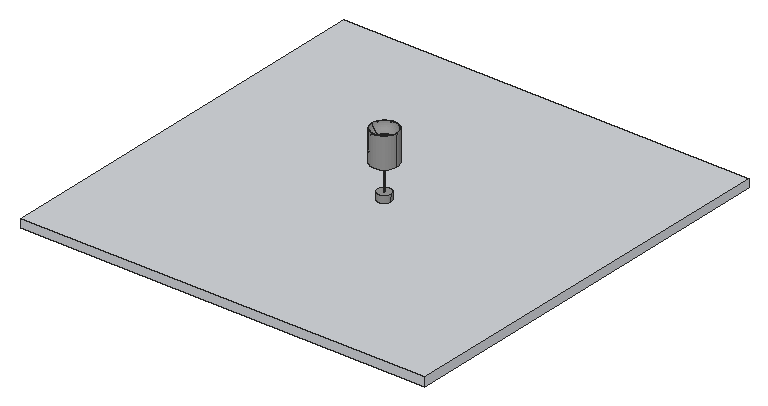
Revit family "LAMP_KOMBIC 150 SURFACE 2000 CRI80 OPTIC DALI", category Luminarias, Revit 2018
Family settings
  Anfitrión = Cara
  Cota de conector redondo = Diámetro de uso
  Tipo de pieza = Normal
  Corte con vacíos al cargar = No
  Origen de luz = Sí
  Compartido = No
  Punto de cálculo de habitación = No
Parameters (values of type "1145LM 3000K  B/B")
  Ángulo de inclinación = -90.00°
  Weight = 1.738 kg
  UGR = "16"
  Type = "COB PHILIPS"
  Protection rating = "IP40"
  Product datasheet = "http://www.lamp.es/product-files/TECH/K21SF2040WF830DBB-EN.pdf"
  Product code = "K21SF2040WF830DBB"
  Product URL = "https://www.lamp.es/en/family/kombic-surface_474354"
  Power Supply = "220-240V 50/60Hz"
  Power = 12 W
  Plum = 14.1 W
  Modelo = Product code  # "K21SF2040WF830DBB"
  Model explanation = "Possibility of chossing between surface or suspended within the model"
  Material reflector = LAMP_PC Reflector Kombic Metalizado Negro
  Material floron = LAMP_Plástico genérico NG
  Material difusor = LAMP_PMMA Difusor Kombic
  Material cuerpo = LAMP_Plástico genérico NG
  Material cable suspension = LAMP_Acero genérico
  Manufacturer name = "LAMP"
  Manufacturer country = "Spain"
  Manufacturer URL = "http://www.lamp.es/en"
  MacAdam = "3"
  Luminaire type = "Suspended"
  Last update = "07/10/2021"
  Lamp = "COB LED"
  LED Lifetime = "50.000 L90 B10"
  Insulation class = "II"
  Installation instructions = "https://www.lamp.es/product-files/packed/by-family/474354_INS_all.zip"
  IEE = "A+"
  Height suspension [instance] = 200 mm
  Height distance [instance] = if(Surface, 0.1 mm, if(Ceiling rose, if(Height suspension > 38 mm, if(Height suspension < 2000 mm, Height suspension, 2000 mm), 38 mm), 37 mm))  # 200 mm
  Wattage = 14.1 W
  built-in parameter 1150107 = 3000 (stored number, unit not read)
  Surface [instance] = no
  built-in parameter 1150110 = 1 (stored number, unit not read)
  built-in parameter 1150109 = 1 (stored number, unit not read)
  built-in parameter 1150112 = 1 (stored number, unit not read)
  built-in parameter 1150113 = 1 (stored number, unit not read)
  built-in parameter 1114218 = 1 (stored number, unit not read)
  built-in parameter 1150137 = (empty or 0)
  built-in parameter 1150132 = 2
  built-in parameter 1150105 = 1133.3 (stored number, unit not read)
  built-in parameter 1150102 = (empty or 0)
  built-in parameter 1150106 = 11.333 (stored number, unit not read)
  Height = 180 mm
  Gear = "Adjustable DALI"
  Lumens = 1144.92 lm
  Finish = "Matte black RAL 9011"
  Color Filter = 16777215
  built-in parameter 1114217 = 1 (stored number, unit not read)
  built-in parameter 1150139 = (empty or 0)
  Fabricante = Manufacturer name  # "LAMP"
  Default Elevation = 1219.2 mm
  built-in parameter 1150104 = 7.5437 (stored number, unit not read)
  Efficacy = 81.2 lm/W
  Diameter = 150 mm
  built-in parameter 1150115 = 1 (stored number, unit not read)
  built-in parameter 1150114 = 1 (stored number, unit not read)
  built-in parameter 1150138 = (empty or 0)
  built-in parameter 1150134 = (empty or 0)
  Ceiling rose [instance] = not(Surface)  # yes
  Dimming Lamp Color Temperature Shift = (empty or 0)
  CRI = "80"
  Archivo de red fotométrica = "K21SF2040WF830NBB.IES"
  built-in parameter 1150133 = 10 (stored number, unit not read)
Types (12, lengths in mm): name | Product datasheet | Product code | Modelo | Material reflector | Material floron | Material cuerpo | built-in parameter 1150107 | built-in parameter 1150105 | built-in parameter 1150106 | Lumens | Finish | built-in parameter 1150104 | Efficacy | built-in parameter 1150134 | Archivo de red fotométrica
  1145LM 3000K  B/B | "http://www.lamp.es/product-files/TECH/K21SF2040WF830DBB-EN.pdf" | "K21SF2040WF830DBB" | "K21SF2040WF830DBB" | LAMP_PC Reflector Kombic Metalizado Negro | LAMP_Plástico genérico NG | LAMP_Plástico genérico NG | 3000 (stored number, unit not read) | 1133.3 (stored number, unit not read) | 11.333 (stored number, unit not read) | 1144.92 lm | "Matte black RAL 9011" | 7.5437 (stored number, unit not read) | 81.2 lm/W | (empty or 0) | "K21SF2040WF830NBB.IES"
  1145LM 3000K  B/W | "http://www.lamp.es/product-files/TECH/K21SF2040WF830DBW-EN.pdf" | "K21SF2040WF830DBW" | "K21SF2040WF830DBW" | LAMP_PC Reflector Kombic Metalizado Negro | LAMP_Plástico genérico BL | LAMP_Plástico genérico BL | 3000 (stored number, unit not read) | 1133.3 (stored number, unit not read) | 11.333 (stored number, unit not read) | 1144.92 lm | "Matte white RAL 9010" | 7.5437 (stored number, unit not read) | 81.2 lm/W | (empty or 0) | "K21SF2040WF830NBW.IES"
  1148LM 3000K  M/B | "http://www.lamp.es/product-files/TECH/K21SF2040WF830DMB-EN.pdf" | "K21SF2040WF830DMB" | "K21SF2040WF830DMB" | LAMP_PC Reflector Kombic Metalizado Mate | LAMP_Plástico genérico NG | LAMP_Plástico genérico NG | 3000 (stored number, unit not read) | 1136.1 (stored number, unit not read) | 11.361 (stored number, unit not read) | 1147.74 lm | "Matte black RAL 9011" | 7.5623 (stored number, unit not read) | 81.4 lm/W | (empty or 0) | "K21SF2040WF830NMB.IES"
  1148LM 3000K  M/W | "http://www.lamp.es/product-files/TECH/K21SF2040WF830DMW-EN.pdf" | "K21SF2040WF830DMW" | "K21SF2040WF830DMW" | LAMP_PC Reflector Kombic Metalizado Mate | LAMP_Plástico genérico BL | LAMP_Plástico genérico BL | 3000 (stored number, unit not read) | 1136.1 (stored number, unit not read) | 11.361 (stored number, unit not read) | 1147.74 lm | "Matte white RAL 9010" | 7.5623 (stored number, unit not read) | 81.4 lm/W | (empty or 0) | "K21SF2040WF830NMW.IES"
  1184LM 3000K  W/B | "http://www.lamp.es/product-files/TECH/K21SF2040WF830DWB-EN.pdf" | "K21SF2040WF830DWB" | "K21SF2040WF830DWB" | LAMP_PC Reflector Kombic Blanco | LAMP_Plástico genérico NG | LAMP_Plástico genérico NG | 3000 (stored number, unit not read) | 1172.4 (stored number, unit not read) | 11.724 (stored number, unit not read) | 1184.4 lm | "Matte black RAL 9011" | 7.8039 (stored number, unit not read) | 84 lm/W | (empty or 0) | "K21SF2040WF830NWB.IES"
  1184LM 3000K  W/W | "http://www.lamp.es/product-files/TECH/K21SF2040WF830DWW-EN.pdf" | "K21SF2040WF830DWW" | "K21SF2040WF830DWW" | LAMP_PC Reflector Kombic Blanco | LAMP_Plástico genérico BL | LAMP_Plástico genérico BL | 3000 (stored number, unit not read) | 1172.4 (stored number, unit not read) | 11.724 (stored number, unit not read) | 1184.4 lm | "Matte white RAL 9010" | 7.8039 (stored number, unit not read) | 84 lm/W | (empty or 0) | "K21SF2040WF830NWW.IES"
  1193LM 4000K  B/B | "http://www.lamp.es/product-files/TECH/K21SF2040WF840DBB-EN.pdf" | "K21SF2040WF840DBB" | "K21SF2040WF840DBB" | LAMP_PC Reflector Kombic Metalizado Negro | LAMP_Plástico genérico NG | LAMP_Plástico genérico NG | 4000 (stored number, unit not read) | 1180.8 (stored number, unit not read) | 11.808 (stored number, unit not read) | 1192.86 lm | "Matte black RAL 9011" | 7.8596 (stored number, unit not read) | 84.6 lm/W | 12 | "K21SF2040WF840NBB.IES"
  1193LM 4000K  B/W | "http://www.lamp.es/product-files/TECH/K21SF2040WF840DBW-EN.pdf" | "K21SF2040WF840DBW" | "K21SF2040WF840DBW" | LAMP_PC Reflector Kombic Metalizado Negro | LAMP_Plástico genérico BL | LAMP_Plástico genérico BL | 4000 (stored number, unit not read) | 1180.8 (stored number, unit not read) | 11.808 (stored number, unit not read) | 1192.86 lm | "Matte white RAL 9010" | 7.8596 (stored number, unit not read) | 84.6 lm/W | 12 | "K21SF2040WF840NBW.IES"
  1196LM 4000K  M/B | "http://www.lamp.es/product-files/TECH/K21SF2040WF840DMB-EN.pdf" | "K21SF2040WF840DMB" | "K21SF2040WF840DMB" | LAMP_PC Reflector Kombic Metalizado Mate | LAMP_Plástico genérico NG | LAMP_Plástico genérico NG | 3000 (stored number, unit not read) | 1183.6 (stored number, unit not read) | 11.836 (stored number, unit not read) | 1195.68 lm | "Matte black RAL 9011" | 7.8782 (stored number, unit not read) | 84.8 lm/W | (empty or 0) | "K21SF2040WF840NMB.IES"
  1196LM 4000K  M/W | "http://www.lamp.es/product-files/TECH/K21SF2040WF840DMW-EN.pdf" | "K21SF2040WF840DMW" | "K21SF2040WF840DMW" | LAMP_PC Reflector Kombic Metalizado Mate | LAMP_Plástico genérico BL | LAMP_Plástico genérico BL | 4000 (stored number, unit not read) | 1183.6 (stored number, unit not read) | 11.836 (stored number, unit not read) | 1195.68 lm | "Matte white RAL 9010" | 7.8782 (stored number, unit not read) | 84.8 lm/W | 12 | "K21SF2040WF840NMW.IES"
  1233LM 4000K  W/B | "http://www.lamp.es/product-files/TECH/K21SF2040WF840DWB-EN.pdf" | "K21SF2040WF840DWB" | "K21SF2040WF840DWB" | LAMP_PC Reflector Kombic Blanco | LAMP_Plástico genérico NG | LAMP_Plástico genérico NG | 4000 (stored number, unit not read) | 1221.3 (stored number, unit not read) | 12.213 (stored number, unit not read) | 1233.75 lm | "Matte black RAL 9011" | 8.129 (stored number, unit not read) | 87.5 lm/W | 12 | "K21SF2040WF840NWB.IES"
  1233LM 4000K  W/W | "http://www.lamp.es/product-files/TECH/K21SF2040WF840DWW-EN.pdf" | "K21SF2040WF840DWW" | "K21SF2040WF840DWW" | LAMP_PC Reflector Kombic Blanco | LAMP_Plástico genérico BL | LAMP_Plástico genérico BL | 4000 (stored number, unit not read) | 1221.3 (stored number, unit not read) | 12.213 (stored number, unit not read) | 1233.75 lm | "Matte white RAL 9010" | 8.129 (stored number, unit not read) | 87.5 lm/W | 12 | "K21SF2040WF840NWW.IES"
Reference planes
  plane 1 "Centro (Frontal/Posterior)": y = 0
  plane 2: z = 0
  plane 3 "Centro (Izquierda/Derecha)": x = 0
Forms (mm)
  Extrusion 1, solid
    sketch origin (0, 0, 0) x (1, 0, 0) y (0, 1, 0)
      loop
        line (-1219.2, 1219.2) -> (-1219.2, -1219.2) -> (1219.2, -1219.2) -> (1219.2, 1219.2) -> (-1219.2, 1219.2)
    from 0 to -50
  Extrusion 2, solid, material "LAMP_Plástico genérico NG" <- "Material cuerpo"
    sketch origin (0, 0, 0) x (1, 0, 0) y (0, 1, 0)
      loop
        circle (0, 0) r 77.5
    from 200 to 380
  Extrusion 3, void
    sketch origin (0, 0, 0) x (1, 0, 0) y (0, 1, 0)
      loop
        circle (0, 0) r 76.5
    from 270.588 to 380
  Sweep 4, solid, material "LAMP_PC Reflector Kombic Metalizado Negro" <- "Material reflector"
    path origin (105.103, -251.845, 380) x (1, 0, 0) y (0, 1, 0)
      loop
        circle (-105.103, 251.959) r 48
    profile origin (0, 48.114, 380) x (0, -1, 0) y (0, 0, 1)
      loop
        arc (-28.386, 0) -> (-15.5, -31.664) -> (14.364, -48.3) r 51.542
        line (14.364, -48.3) -> (14.364, -47.3)
        arc (14.364, -47.3) -> (-14.949, -31.098) -> (-27.386, 0) r 49.836
        line (-27.386, 0) -> (-28.386, 0)
  Extrusion 5, solid, material "LAMP_PMMA Difusor Kombic" <- "Material difusor"
    sketch origin (0, 0, 0) x (1, 0, 0) y (0, 1, 0)
      loop
        circle (0, 0) r 33.636
    from 331.7 to 332.7
  Extrusion 6, solid, material "LAMP_Plástico genérico NG" <- "Material floron", visible <- "Ceiling rose"
    sketch origin (0, 0, 0) x (1, 0, 0) y (0, 1, 0)
      loop
        circle (0, 0) r 42
    from 0 to 37
  Extrusion 7, solid, material "LAMP_Acero genérico" <- "Material cable suspension", visible <- "Ceiling rose"
    sketch origin (0, 0, 0) x (1, 0, 0) y (0, 1, 0)
      loop
        circle (0, 0) r 1
    from 37 to 200
Cuts and joins
  Extrusion 3 cuts Extrusion 2
Text (mm)
  text "Any modification of the parameters and properties of the LAMP BIM models must be executed and validated by the LAMP technical department.\nPhone: +34 93 736 68 00\nE-mail: lamp@lamp.es\n\nLAMP reserves the right to modify the technical specifications of its products." at (1856.491, -4316.333, -2622.127), in view "Preview"
Dimensions and locks
  "Height distance": Extrusion 2 to Extrusion 1
  locked: Extrusion 2 to Extrusion 2 at 180
  locked: cut or joined group of Extrusion 2, Extrusion 3 to cut or joined group of Extrusion 2, Extrusion 3 at 109.412
  aligned and locked: plane 2 to Extrusion 1
  aligned and locked: level to Extrusion 1
  aligned and locked: Extrusion 2 to Extrusion 3
  aligned and locked: Extrusion 7 to Extrusion 6
  aligned and locked: Extrusion 7 to cut or joined group of Extrusion 2, Extrusion 3
  aligned and locked: imposter light to cut or joined group of Extrusion 2, Extrusion 3
  aligned and locked: Extrusion 5 to Sweep 4  (x2)
Automatic sketch dimensions
  Extrusion 1 sketch curve to Extrusion 1 sketch curve = 2438.4 mm  (x2)
  plane 1 "Centro (Frontal/Posterior)" to Extrusion 2 sketch curve = 0 mm
  Extrusion 2 sketch curve to plane 3 "Centro (Izquierda/Derecha)" = 0 mm
  plane 1 "Centro (Frontal/Posterior)" to Extrusion 3 sketch curve = 0 mm
  Extrusion 3 sketch curve to plane 3 "Centro (Izquierda/Derecha)" = 0 mm
  plane 1 "Centro (Frontal/Posterior)" to Extrusion 6 sketch curve = 0 mm
  Extrusion 6 sketch curve to plane 3 "Centro (Izquierda/Derecha)" = 0 mm
  plane 1 "Centro (Frontal/Posterior)" to Extrusion 7 sketch curve = 0 mm
  Extrusion 7 sketch curve to plane 3 "Centro (Izquierda/Derecha)" = 0 mm
  Sweep 4 sketch curve to profile plane = 0 mm
  profile plane to Sweep 4 sketch curve = 28.386 mm
  profile plane to Sweep 4 sketch curve = 1.881 mm
  Sweep 4 sketch curve to profile plane = 22.414 mm
  Sweep 4 sketch curve to Sweep 4 sketch curve = 0.681 mm
  Sweep 4 sketch curve to Sweep 4 sketch curve = 1 mm  (x2)
  Sweep 4 sketch curve to profile plane = 14.364 mm
  plane 1 "Centro (Frontal/Posterior)" to Extrusion 5 sketch curve = 0 mm
  Extrusion 5 sketch curve to plane 3 "Centro (Izquierda/Derecha)" = 0 mm
  radius of Extrusion 2 sketch curve = 77.5 mm
  radius of Extrusion 3 sketch curve = 76.5 mm
  radius of Sweep 4 sketch curve = 48 mm
  radius of Extrusion 6 sketch curve = 42 mm
  radius of Extrusion 7 sketch curve = 1 mm
  radius of Extrusion 5 sketch curve = 33.636 mm
Connectors
  electrical at (0, 0, 200)
    settings: on cut or joined group of Extrusion 2, Extrusion 3, index 1, voltage 230 V, apparent load 0 VA, apparent load phase1 0 VA, apparent load phase2 0 VA, apparent load phase3 0 VA, power factor 1, load classification "Otro", number of poles 1, system type 31, power factor state 1, is connector primary yes, connector utility no, sub classification motor no, connector description ""
